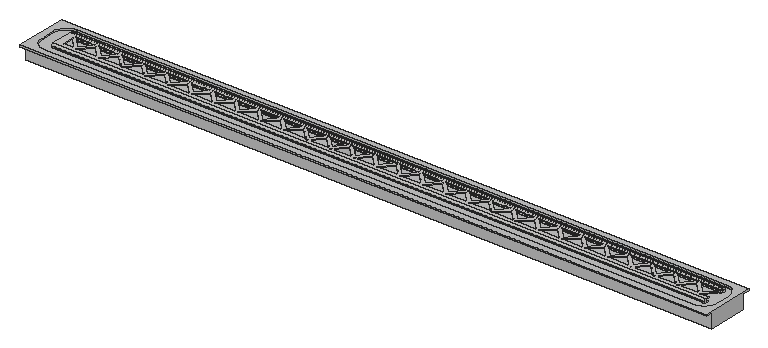
Revit family "Drain-Linear_Pyramid_Noble_FreeStyle", category Plumbing Fixtures, host Face, Revit 2016
Family settings
  Host = Face
  Part Type = Normal
  Round Connector Dimension = Use Diameter
  OmniClass Number = 23.45.55.21
  OmniClass Title = Drains (Wastes)
  Cut with Voids When Loaded = No
  Shared = No
  Room Calculation Point = No
Parameters (values of type "60in PVC")
  Weight = "10 lbs"
  URL = "www.noblecompany.com"
  Type Comments = ""
  Product Properties = "http://www.noblecompany.com/Portals/0/PRODUCT%20INFO/Product%20Descriptions/FreeStyle%20Linear%20Drain%20Product%20Decription%200410.pdf"
  Product Data = "http://www.noblecompany.com/Products/ShowerProducts/tabid/59/Default.aspx"
  Plate = Stainless Steel - Brushed
  Model = "Freestyle 60 PVC - Pyramid"
  Manufacturer Phone - Toll Free = "800-878-5788"
  Manufacturer Phone = "231-799-8000"
  Manufacturer Fax = "231-799-8850"
  Manufacturer Email = "mailto:sales@noblecompany.com"
  Manufacturer Address = "7300 Enterprise Drive, Spring Lake, MI  49456 USA"
  Manufacturer = "Noble Company"
  Installation-Fabrication = "http://www.noblecompany.com/Portals/0/PRODUCT%20INFO/Product%20Descriptions/FreeStyle%20Linear%20Drain%20Product%20Decription%200410.pdf"
  GPM = 0 GPM
  Description = "Freestyle 60 PVC - Pyramid Linear Drain"
  Building Codes = "http://www.noblecompany.com/Portals/0/TECHNICAL%20INFO/Listing_Testing_Certification_Reports/PMG-1065%20Noble%20Company%20Linear%20Drain%20final%202.pdf"
  Base = PVC
  B = 57 3/4"
  Assembly Code = "D2030300"
  A = 60"
  Default Elevation = 0"
  D = 1 5/8"
  C = 33 3/4"
Types (14): name | Model | Description | Base | B | A | D | C
  24in ABS | "Freestyle 24 ABS - Pyramid" | "Freestyle 24 ABS - Pyramid Linear Drain" | ABS | 21 3/4" | 24" | 1 1/4" | 15 3/4"
  32in ABS | "Freestyle 32 ABS - Pyramid" | "Freestyle 32 ABS - Pyramid Linear Drain" | ABS | 29 3/4" | 32" | 1 3/8" | 19 1/2"
  36in ABS | "Freestyle 36 ABS - Pyramid" | "Freestyle 36 ABS - Pyramid Linear Drain" | ABS | 33 3/4" | 36" | 1 3/8" | 21 3/4"
  40in ABS | "Freestyle 40 ABS - Pyramid" | "Freestyle 40 ABS - Pyramid Linear Drain" | ABS | 37 3/4" | 40" | 1 7/16" | 23 3/4"
  48in ABS | "Freestyle 48 ABS - Pyramid" | "Freestyle 48 ABS - Pyramid Linear Drain" | ABS | 45 3/4" | 48" | 1 1/2" | 27 3/4"
  54in ABS | "Freestyle 54 ABS - Pyramid" | "Freestyle 54 ABS - Pyramid Linear Drain" | ABS | 51 3/4" | 54" | 1 9/16" | 30 3/4"
  60in ABS | "Freestyle 60 ABS - Pyramid" | "Freestyle 60 ABS - Pyramid Linear Drain" | ABS | 57 3/4" | 60" | 1 5/8" | 33 3/4"
  24in PVC | "Freestyle 24 PVC - Pyramid" | "Freestyle 24 PVC - Pyramid Linear Drain" | PVC | 21 3/4" | 24" | 1 1/4" | 15 3/4"
  32in PVC | "Freestyle 32 PVC - Pyramid" | "Freestyle 32 PVC - Pyramid Linear Drain" | PVC | 29 3/4" | 32" | 1 3/8" | 19 1/2"
  36in PVC | "Freestyle 36 PVC - Pyramid" | "Freestyle 36 PVC - Pyramid Linear Drain" | PVC | 33 3/4" | 36" | 1 3/8" | 21 3/4"
  40in PVC | "Freestyle 40 PVC - Pyramid" | "Freestyle 40 PVC - Pyramid Linear Drain" | PVC | 37 3/4" | 40" | 1 7/16" | 23 3/4"
  48in PVC | "Freestyle 48 PVC - Pyramid" | "Freestyle 48 PVC - Pyramid Linear Drain" | PVC | 45 3/4" | 48" | 1 1/2" | 27 3/4"
  54in PVC | "Freestyle 54 PVC - Pyramid" | "Freestyle 54 PVC - Pyramid Linear Drain" | PVC | 51 3/4" | 54" | 1 9/16" | 30 3/4"
  60in PVC | "Freestyle 60 PVC - Pyramid" | "Freestyle 60 PVC - Pyramid Linear Drain" | PVC | 57 3/4" | 60" | 1 5/8" | 33 3/4"
Reference planes (in)
  plane 1 "Center (Front/Back)": y = 0
  plane 2: z = 0
  plane 3 "Center (Left/Right)": x = 0
  plane 4: z = -1.625
  plane 5: z = -4.05899
  plane 6: z = -1.625
  plane 7: y = 1.6875
  plane 8: y = -1.6875
  plane 9: z = -0.375
  plane 10: y = 2.25
  plane 11: y = -2.25
  plane 12: z = -0.3125
  plane 13: x = 30
  plane 14: x = -30
  plane 15: x = 28.875
  plane 16: x = -3.75
  plane 17: x = -28.875
  plane 18: z = -0.125
Forms (in)
  Extrusion 1, void, detail levels medium+fine
    sketch origin (0, 0, 0) x (1, 0, 0) y (0, 1, 0)
      loop
        circle (-3.75, 0) r 1
    from -60 to 34.55449
  Extrusion 2, solid, material "PVC" <- "Base", detail levels medium+fine
    sketch origin (10.05986, 0, 0) x (0, 1, 0) y (0, 0, 1)
      loop
        line (2.25, -0.375) -> (2.25, -0.25) -> (-2.25, -0.25) -> (-2.25, -0.375) -> (-1.6875, -0.375) -> (-1.6875, -1.625) -> (1.6875, -1.625) -> (1.6875, -0.375) -> (2.25, -0.375)
    from -40.05986 to 19.94014
  Extrusion 3, void
    sketch origin (10.05986, 0, 0) x (1, 0, 0) y (0, 1, 0)
      loop
        arc (-38.37906, 1.769) -> (-39.18512, 1.43512) -> (-39.519, 0.62906) r 1.13994
        line (-39.519, 0.62906) -> (-39.519, -0.63005)
        arc (-39.519, -0.63005) -> (-39.18541, -1.43541) -> (-38.38005, -1.769) r 1.13895
        line (-38.38005, -1.769) -> (18.37931, -1.769)
        arc (18.37931, -1.769) -> (19.18519, -1.43519) -> (19.519, -0.62931) r 1.13969
        line (19.519, -0.62931) -> (19.519, 0.62118)
        arc (19.519, 0.62118) -> (19.18281, 1.43281) -> (18.37118, 1.769) r 1.14782
        line (18.37118, 1.769) -> (-38.37906, 1.769)
    from -0.375 to 0
  Extrusion 4, void
    sketch origin (0, 0, 0) x (1, 0, 0) y (0, 1, 0)
      loop
        line (29, 1.269) -> (-29, 1.269) -> (-29, -1.269) -> (29, -1.269) -> (29, 1.269)
    from -0.125 to 0
  Extrusion 5, void, detail levels fine
    sketch origin (0, 0, 0) x (0, 1, 0) y (0, 0, 1)
      loop
        line (2.25, -0.375) -> (2.25, -0.125) -> (-2.25, -0.125) -> (-2.25, -0.375) -> (-1.6875, -0.375) -> (-1.6875, -1.625) -> (1.6875, -1.625) -> (1.6875, -0.375) -> (2.25, -0.375)
    from -30 to 30
Cuts and joins
  Extrusion 1, Extrusion 3 cuts Extrusion 2
Lines and regions (in)
  model lines, detail levels coarse+medium
    curve 1: line (-3.75, 0, 0) -> (-3.75, 0, -1.625)
  model lines, style "PlumbingFixtures", detail levels coarse
    curve 2: line (-30, 2.25, 0) -> (-30, -2.25, 0)
    curve 3: line (-30, 2.25, 0) -> (30, 2.25, 0)
    curve 4: line (30, 2.25, 0) -> (30, -2.25, 0)
    curve 5: line (-30, -2.25, 0) -> (30, -2.25, 0)
    curve 6: line (30, 0, 0) -> (-30, 0, 0)
Dimensions and locks (in)
  "D": plane 2 to plane 4
  locked: plane 4 to plane 5 at 2.43399
  "D": plane 6 to level
  equal spacing: plane 7, plane 1 "Center (Front/Back)", plane 8, locked at 1.6875 each
  locked: plane 9 to level at 0.375
  plane 7 to plane 8 = 3 3/8"
  locked: plane 10 to plane 7 at 0.5625
  locked: plane 8 to plane 11 at 0.5625
  "A": plane 14 to plane 13
  locked: plane 15 to plane 13 at 1.125
  "C": plane 16 to plane 13
  locked: plane 14 to plane 17 at 1.125
  locked: Extrusion 3 sketch curve to plane 13 at 0.42114
  locked: plane 14 to Extrusion 3 sketch curve at 0.54086
  equal spacing: plane 14, plane 3 "Center (Left/Right)", plane 13
  locked: plane 9 to plane 12 at 0.0625
  locked: level to plane 18 at 0.125
  level to Extrusion 2 sketch curve = 1/4"
  locked: plane 15 to Extrusion 4 sketch curve at 0.125
  locked: Extrusion 4 sketch curve to plane 17 at 0.125
  radius of Extrusion 1 sketch curve = 1"
  aligned and locked: plane 2 to host face
  aligned and locked: level to host face
  aligned and locked: plane 1 "Center (Front/Back)" to Extrusion 1 sketch curve
  aligned and locked: plane 13 to Extrusion 2
  aligned and locked: plane 16 to Extrusion 1 sketch curve
  aligned and locked: plane 10 to Extrusion 5 sketch curve
  aligned and locked: plane 9 to Extrusion 5 sketch curve
  aligned and locked: plane 7 to Extrusion 5 sketch curve
  aligned and locked: plane 4 to Extrusion 5 sketch curve
  aligned and locked: plane 11 to Extrusion 5 sketch curve
  aligned and locked: Extrusion 5 sketch curve to plane 8
  aligned and locked: Extrusion 5 to plane 14
  aligned and locked: plane 13 to Extrusion 5
  aligned and locked: curve 6 to plane 1 "Center (Front/Back)"
  aligned and locked: plane 14 to curve 6
  aligned and locked: plane 13 to curve 6
  aligned and locked: curve 1 to plane 16
  aligned and locked: level to curve 1
  aligned and locked: plane 6 to curve 1
  aligned and locked: Extrusion 2 to plane 14
  aligned and locked: plane 3 "Center (Left/Right)" to nested 1
  aligned and locked: plane 1 "Center (Front/Back)" to nested 1
  aligned and locked: plane 12 to nested 1
  aligned and locked: plane 9 to Extrusion 3
  aligned and locked: Extrusion 4 to plane 18
  aligned and locked: level to Extrusion 4
Automatic sketch dimensions
  host sketch curve to host sketch curve = 48 1/4"
  host sketch curve to host sketch curve = 96"
  plane 9 to Extrusion 2 sketch curve = 0"  (x2)
  Extrusion 2 sketch curve to plane 11 = 0"
  Extrusion 2 sketch curve to plane 4 = 0"
  Extrusion 2 sketch curve to plane 8 = 0"
  Extrusion 2 sketch curve to plane 7 = 0"
  Extrusion 2 sketch curve to plane 10 = 0"
  Extrusion 3 sketch curve to plane 8 = 0.0815"
  plane 17 to Extrusion 3 sketch curve = 0.55481"
  Extrusion 3 sketch curve to plane 7 = 0.0815"
  plane 17 to Extrusion 3 sketch curve = 0.5558"
  Extrusion 3 sketch curve to plane 15 = 0.44396"
  Extrusion 3 sketch curve to plane 15 = 0.43583"
  curve 2 to plane 10 = 0"
  curve 5 to plane 11 = 0"
  plane 9 to Extrusion 5 sketch curve = 0"
  Extrusion 5 sketch curve to plane 18 = 0"
  plane 8 to Extrusion 4 sketch curve = 0.4185"
  plane 7 to Extrusion 4 sketch curve = 0.4185"
Nested families (in)
  nested 1: "Strainer" at (-12.24848, 0, -0.3125), type "24"", detail levels fine
    with Strainer Length 57 3/4"
Connectors (in)
  piping at (-3.75, 0, -1.625), diameter 2, driven by "GPM"
    settings: on cut or joined group of Extrusion 1, Extrusion 2, Extrusion 3, index 1, connector inside diameter 2", connector length 0", flow factor 0, pipe flow 0 GPM, pressure drop 0.00 psi, fitting loss kfactor 0, connector angle 0.00°, fixture units 0, engagement length 0", angle of deflection 0.00°, flow configuration 0, flow direction 2, fitting loss method 0, system type 16, joint type 0, gender type 0, connector reference index -1, connector utility 0, adjustable connector no, is connector primary yes, connector description ""
Definition of nested family "Strainer"
  Parameters
    Strainer Width = 2 1/4"
    Strainer Height = 5/16"
    Strainer Length = 26 1/4"
    Strainer Finish = none
  Reference planes (in)
    plane 1 "Center (Front/Back)": y = 0
    plane 2: z = 0
    plane 3 "Center (Left/Right)": x = 12.24848
    plane 4: y = 1.125
    plane 5: y = -1.125
    plane 6: x = 42.24848
    plane 7: x = -17.75152
    plane 8: z = 0.3125
    plane 9: x = -0.87652
    plane 10: x = 25.37348
  Forms (in)
    Extrusion 1, solid, material <- "Strainer Finish", detail levels medium+fine
      sketch origin (0, 0, 0) x (1, 0, 0) y (0, 1, 0)
        loop
          line (-15.87652, 1.1245) -> (-15.87652, -1.1245) -> (41.87348, -1.1245) -> (41.87348, 1.1245) -> (-15.87652, 1.1245)
        loop
          line (38.33086, -0.625) -> (40.20315, -0.625) -> (39.267, 0.375) -> (38.33086, -0.625)
        loop
          line (36.3102, -0.625) -> (38.18249, -0.625) -> (37.24635, 0.375) -> (36.3102, -0.625)
        loop
          line (39.20438, 0.63946) -> (37.33209, 0.63946) -> (38.26824, -0.36054) -> (39.20438, 0.63946)
        loop
          line (34.28955, -0.625) -> (36.16184, -0.625) -> (35.22569, 0.375) -> (34.28955, -0.625)
        loop
          line (37.18372, 0.63946) -> (35.31144, 0.63946) -> (36.24758, -0.36054) -> (37.18372, 0.63946)
        loop
          line (32.26889, -0.625) -> (34.14118, -0.625) -> (33.20504, 0.375) -> (32.26889, -0.625)
        loop
          line (35.16307, 0.63946) -> (33.29078, 0.63946) -> (34.22693, -0.36054) -> (35.16307, 0.63946)
        loop
          line (30.24824, -0.625) -> (32.12052, -0.625) -> (31.18438, 0.375) -> (30.24824, -0.625)
        loop
          line (33.14241, 0.63946) -> (31.27013, 0.63946) -> (32.20627, -0.36054) -> (33.14241, 0.63946)
        loop
          line (28.22758, -0.625) -> (30.09987, -0.625) -> (29.16372, 0.375) -> (28.22758, -0.625)
        loop
          line (31.12176, 0.63946) -> (29.24947, 0.63946) -> (30.18561, -0.36054) -> (31.12176, 0.63946)
        loop
          line (26.20692, -0.625) -> (28.07921, -0.625) -> (27.14307, 0.375) -> (26.20692, -0.625)
        loop
          line (29.1011, 0.63946) -> (27.22881, 0.63946) -> (28.16496, -0.36054) -> (29.1011, 0.63946)
        loop
          line (24.18627, -0.625) -> (26.05856, -0.625) -> (25.12241, 0.375) -> (24.18627, -0.625)
        loop
          line (27.08045, 0.63946) -> (25.20816, 0.63946) -> (26.1443, -0.36054) -> (27.08045, 0.63946)
        loop
          line (22.16561, -0.625) -> (24.0379, -0.625) -> (23.10176, 0.375) -> (22.16561, -0.625)
        loop
          line (25.05979, 0.63946) -> (23.1875, 0.63946) -> (24.12365, -0.36054) -> (25.05979, 0.63946)
        loop
          line (20.14496, -0.625) -> (22.01725, -0.625) -> (21.0811, 0.375) -> (20.14496, -0.625)
        loop
          line (23.03914, 0.63946) -> (21.16685, 0.63946) -> (22.10299, -0.36054) -> (23.03914, 0.63946)
        loop
          line (18.1243, -0.625) -> (19.99659, -0.625) -> (19.06045, 0.375) -> (18.1243, -0.625)
        loop
          line (21.01848, 0.63946) -> (19.14619, 0.63946) -> (20.08234, -0.36054) -> (21.01848, 0.63946)
        loop
          line (16.10365, -0.625) -> (17.97594, -0.625) -> (17.03979, 0.375) -> (16.10365, -0.625)
        loop
          line (18.99783, 0.63946) -> (17.12554, 0.63946) -> (18.06168, -0.36054) -> (18.99783, 0.63946)
        loop
          line (14.08299, -0.625) -> (15.95528, -0.625) -> (15.01914, 0.375) -> (14.08299, -0.625)
        loop
          line (16.97717, 0.63946) -> (15.10488, 0.63946) -> (16.04103, -0.36054) -> (16.97717, 0.63946)
        loop
          line (12.06234, -0.625) -> (13.93462, -0.625) -> (12.99848, 0.375) -> (12.06234, -0.625)
        loop
          line (14.95651, 0.63946) -> (13.08423, 0.63946) -> (14.02037, -0.36054) -> (14.95651, 0.63946)
        loop
          line (40.35151, -0.625) -> (41.28766, -0.625) -> (41.28766, 0.375) -> (40.35151, -0.625)
        loop
          line (41.22504, 0.63946) -> (39.35275, 0.63946) -> (40.28889, -0.36054) -> (41.22504, 0.63946)
        loop
          line (-12.3339, -0.625) -> (-13.27004, 0.375) -> (-14.20619, -0.625) -> (-12.3339, -0.625)
        loop
          line (-10.31324, -0.625) -> (-11.24939, 0.375) -> (-12.18553, -0.625) -> (-10.31324, -0.625)
        loop
          line (-13.20742, 0.63946) -> (-12.27128, -0.36054) -> (-11.33513, 0.63946) -> (-13.20742, 0.63946)
        loop
          line (-8.29259, -0.625) -> (-9.22873, 0.375) -> (-10.16488, -0.625) -> (-8.29259, -0.625)
        loop
          line (-11.18677, 0.63946) -> (-10.25062, -0.36054) -> (-9.31448, 0.63946) -> (-11.18677, 0.63946)
        loop
          line (-6.27193, -0.625) -> (-7.20808, 0.375) -> (-8.14422, -0.625) -> (-6.27193, -0.625)
        loop
          line (-9.16611, 0.63946) -> (-8.22997, -0.36054) -> (-7.29382, 0.63946) -> (-9.16611, 0.63946)
        loop
          line (-4.25128, -0.625) -> (-5.18742, 0.375) -> (-6.12356, -0.625) -> (-4.25128, -0.625)
        loop
          line (-7.14545, 0.63946) -> (-6.20931, -0.36054) -> (-5.27317, 0.63946) -> (-7.14545, 0.63946)
        loop
          line (-2.23062, -0.625) -> (-3.16676, 0.375) -> (-4.10291, -0.625) -> (-2.23062, -0.625)
        loop
          line (-5.1248, 0.63946) -> (-4.18865, -0.36054) -> (-3.25251, 0.63946) -> (-5.1248, 0.63946)
        loop
          line (-0.20996, -0.625) -> (-1.14611, 0.375) -> (-2.08225, -0.625) -> (-0.20996, -0.625)
        loop
          line (-3.10414, 0.63946) -> (-2.168, -0.36054) -> (-1.23185, 0.63946) -> (-3.10414, 0.63946)
        loop
          line (1.81069, -0.625) -> (0.87455, 0.375) -> (-0.0616, -0.625) -> (1.81069, -0.625)
        loop
          line (-1.08349, 0.63946) -> (-0.14734, -0.36054) -> (0.7888, 0.63946) -> (-1.08349, 0.63946)
        loop
          line (3.83135, -0.625) -> (2.8952, 0.375) -> (1.95906, -0.625) -> (3.83135, -0.625)
        loop
          line (0.93717, 0.63946) -> (1.87331, -0.36054) -> (2.80946, 0.63946) -> (0.93717, 0.63946)
        loop
          line (5.852, -0.625) -> (4.91586, 0.375) -> (3.97971, -0.625) -> (5.852, -0.625)
        loop
          line (2.95782, 0.63946) -> (3.89397, -0.36054) -> (4.83011, 0.63946) -> (2.95782, 0.63946)
        loop
          line (7.87266, -0.625) -> (6.93651, 0.375) -> (6.00037, -0.625) -> (7.87266, -0.625)
        loop
          line (4.97848, 0.63946) -> (5.91462, -0.36054) -> (6.85077, 0.63946) -> (4.97848, 0.63946)
        loop
          line (9.89331, -0.625) -> (8.95717, 0.375) -> (8.02102, -0.625) -> (9.89331, -0.625)
        loop
          line (6.99913, 0.63946) -> (7.93528, -0.36054) -> (8.87142, 0.63946) -> (6.99913, 0.63946)
        loop
          line (11.91397, -0.625) -> (10.97782, 0.375) -> (10.04168, -0.625) -> (11.91397, -0.625)
        loop
          line (9.01979, 0.63946) -> (9.95593, -0.36054) -> (10.89208, 0.63946) -> (9.01979, 0.63946)
        loop
          line (11.04045, 0.63946) -> (11.97659, -0.36054) -> (12.91273, 0.63946) -> (11.04045, 0.63946)
        loop
          line (-14.35455, -0.625) -> (-15.2907, 0.375) -> (-15.2907, -0.625) -> (-14.35455, -0.625)
        loop
          line (-15.22808, 0.63946) -> (-14.29193, -0.36054) -> (-13.35579, 0.63946) -> (-15.22808, 0.63946)
      from 0 to 0.3125
    Extrusion 2, void
      sketch origin (12.24848, 0, 0) x (0, 1, 0) y (0, 0, 1)
        loop
          line (1.1245, 0.3125) -> (0.9995, 0.3125)
          arc (0.9995, 0.3125) -> (1.08789, 0.27589) -> (1.1245, 0.1875) r 0.125
          line (1.1245, 0.1875) -> (1.1245, 0.3125)
        loop
          line (-1.1245, 0.3125) -> (-1.1245, 0.1875)
          arc (-1.1245, 0.1875) -> (-1.08789, 0.27589) -> (-0.9995, 0.3125) r 0.125
          line (-0.9995, 0.3125) -> (-1.1245, 0.3125)
        loop
          line (1.1245, 0) -> (1.1245, 0.125)
          arc (1.1245, 0.125) -> (1.08789, 0.03661) -> (0.9995, 0) r 0.125
          line (0.9995, 0) -> (1.1245, 0)
        loop
          line (-1.1245, 0) -> (-0.9995, 0)
          arc (-0.9995, 0) -> (-1.08789, 0.03661) -> (-1.1245, 0.125) r 0.125
          line (-1.1245, 0.125) -> (-1.1245, 0)
        loop
          line (-0.75, 0) -> (0.75, 0) -> (0.75, 0.0625) -> (0.9995, 0.0625)
          arc (0.9995, 0.0625) -> (1.06302, 0.15625) -> (0.9995, 0.25) r 0.10095
          line (0.9995, 0.25) -> (-0.9995, 0.25)
          arc (-0.9995, 0.25) -> (-1.06302, 0.15625) -> (-0.9995, 0.0625) r 0.10095
          line (-0.9995, 0.0625) -> (-0.75, 0.0625) -> (-0.75, 0)
      from -30 to 30
    Extrusion 3, void
      sketch origin (0, 0, 0) x (1, 0, 0) y (0, 1, 0)
        loop
          line (-17.75152, 1.25) -> (-17.75152, -1.25) -> (-0.87652, -1.25) -> (-0.87652, 1.25) -> (-17.75152, 1.25)
        loop
          line (25.37348, 1.25) -> (25.37348, -1.25) -> (42.24848, -1.25) -> (42.24848, 1.25) -> (25.37348, 1.25)
      from 0 to 0.3125
  Cuts and joins
    Extrusion 2, Extrusion 3 cuts Extrusion 1
  Dimensions and locks (in)
    locked: Extrusion 1 sketch curve to Extrusion 1 sketch curve at 57.75
    equal spacing: plane 5, plane 1 "Center (Front/Back)", plane 4
    "Strainer Width": plane 4 to plane 5
    "Strainer Height": plane 8 to level
    Extrusion 2 to level = 5/16"
    plane 7 to plane 3 "Center (Left/Right)" to plane 6 = 30" locked, 30" locked
    Extrusion 3 sketch curve to plane 1 "Center (Front/Back)" to Extrusion 3 sketch curve = 1 1/4" locked, 1 1/4" locked  (x2)
    "Strainer Length": plane 9 to plane 10
    equal spacing: plane 9, plane 3 "Center (Left/Right)", plane 10
    aligned and locked: plane 8 to Extrusion 1
    aligned and locked: Extrusion 2 to plane 7
    aligned and locked: plane 6 to Extrusion 2
    aligned and locked: plane 7 to Extrusion 3 sketch curve
    aligned and locked: Extrusion 3 sketch curve to plane 6
    aligned and locked: plane 8 to cut or joined group of Extrusion 1, Extrusion 2, Extrusion 3
    aligned and locked: cut or joined group of Extrusion 1, Extrusion 2, Extrusion 3 to plane 10
    aligned and locked: plane 9 to cut or joined group of Extrusion 1, Extrusion 2, Extrusion 3
  Automatic sketch dimensions
    Extrusion 2 sketch curve to plane 8 = 0"  (x2)
    Extrusion 2 sketch curve to level = 0"  (x3)
    plane 5 to Extrusion 2 sketch curve = 0.0005"  (x2)
    Extrusion 2 sketch curve to Extrusion 2 sketch curve = 1/8"  (x2)
    Extrusion 2 sketch curve to Extrusion 2 sketch curve = 0"  (x4)
    Extrusion 2 sketch curve to Extrusion 2 sketch curve = 0.03743"  (x3)
    level to Extrusion 2 sketch curve = 1/16"  (x2)
    Extrusion 2 sketch curve to Extrusion 2 sketch curve = 0.21207"
    Extrusion 2 sketch curve to plane 4 = 3/8"
    Extrusion 2 sketch curve to plane 4 = 0.16293"
    Extrusion 2 sketch curve to plane 4 = 0.0005"  (x2)
    Extrusion 2 sketch curve to Extrusion 2 sketch curve = 1/32"
    Extrusion 3 sketch curve to plane 6 = 16 7/8"
    Extrusion 3 sketch curve to Extrusion 3 sketch curve = 16 7/8"
    plane 3 "Center (Left/Right)" to Extrusion 1 sketch curve = 3/4"
    plane 3 "Center (Left/Right)" to Extrusion 1 sketch curve = 0.66425"
    Extrusion 1 sketch curve to plane 3 "Center (Left/Right)" = 0.18614"
    plane 1 "Center (Front/Back)" to Extrusion 1 sketch curve = 0.36054"  (x28)
    Extrusion 1 sketch curve to Extrusion 1 sketch curve = 0.08575"  (x28)
    Extrusion 1 sketch curve to Extrusion 1 sketch curve = 0.14837"  (x54)
    Extrusion 1 sketch curve to plane 4 = 0.48554"  (x28)
    Extrusion 1 sketch curve to Extrusion 1 sketch curve = 0.93614"  (x54)
    Extrusion 1 sketch curve to plane 1 "Center (Front/Back)" = 3/8"  (x26)
    Extrusion 1 sketch curve to Extrusion 1 sketch curve = 0.06262"  (x26)
    plane 5 to Extrusion 1 sketch curve = 1/2"  (x28)
    Extrusion 1 sketch curve to plane 4 = 0.0005"
    Extrusion 1 sketch curve to Extrusion 1 sketch curve = 1.58459"
    Extrusion 1 sketch curve to Extrusion 1 sketch curve = 83/128"
    Extrusion 1 sketch curve to Extrusion 1 sketch curve = 0.58582"
    plane 3 "Center (Left/Right)" to Extrusion 1 sketch curve = 0.83575"
    plane 3 "Center (Left/Right)" to Extrusion 1 sketch curve = 1.68614"
    plane 5 to Extrusion 1 sketch curve = 0.0005"
    Extrusion 1 sketch curve to Extrusion 1 sketch curve = 0"
    Extrusion 1 sketch curve to Extrusion 1 sketch curve = 0.26446"  (x3)
